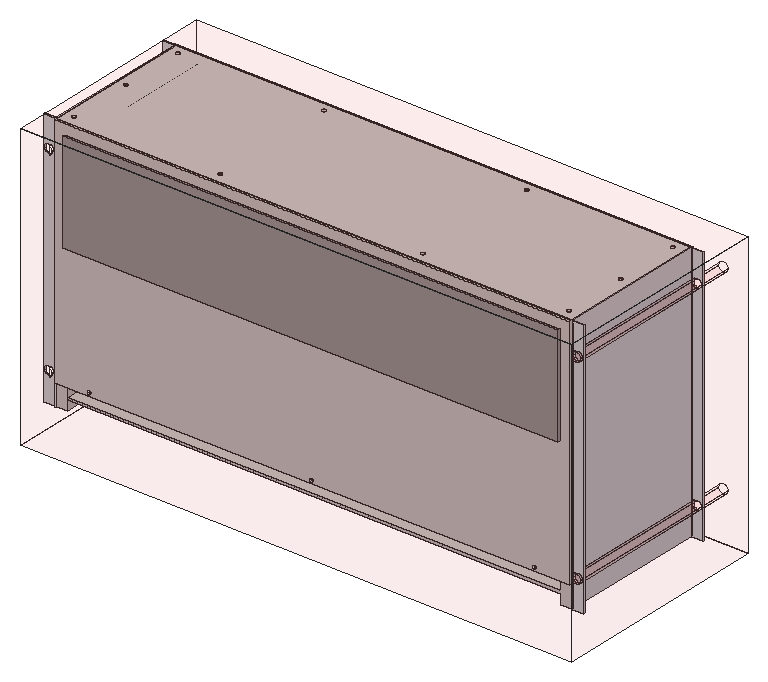
Revit family "Air-Curtain_Vestibule-Except_PoweredAire_CHA", category Mechanical Equipment, host Face, Revit 2022
Family settings
  Host = Face
  Round Connector Dimension = Use Diameter
  Part Type = Normal
  OmniClass Number = 23.75.35.17.21
  OmniClass Title = Air Curtains
  Cut with Voids When Loaded = No
  Maintain Annotation Orientation = No
  Shared = No
  Room Calculation Point = No
Parameters
  Unit Width Notes = "Other Widths available."  # constant formula
  Unit Width = 51.80"
  Unit Weight = 0
  Unit Height = 15.04"
  Unit Depth = 26.01"
  URL = "http://www.poweredaire.com/"
  Specification = ""
  Projection from Host [instance] = 2.00"
  Product Page URL = "https://www.arcat.com/company/powered-aire-inc-47623"
  Power Rating = 0 W
  Nozzle Width = if(1 = 1, Unit Width - 3.00", 0.00")  # 48.80"
  Mounting Width = if(1 = 1, Unit Width - 1.50", 0.00")  # 50.30"
  Mounting Height [instance] = 44.91"
  Motor RPM = 0
  Motor HP = 0
  Motor Count = 0
  Model = "CHA"
  Max Height = 0.00"
  Manufacturer = "Powered Aire, Inc"
  Keynote = "23 34 33"
  Include Clearance [instance] = yes
  Heating Element Load = 0 W
  HVAC_Temperature Rise = 0 °F
  HVAC_Outlet Volume = 0 CFM
  HVAC_Outlet Velocity Uniformity = 0
  HVAC_Outlet Velocity = 0 FPM
  Front Grating Material [instance] = Metal - Steel - PoweredAire - White Perforated
  Frame Finish [instance] = Metal - Steel - PoweredAire - Stainless 304
  Electrical_Wattage [instance] = Power Rating + Heating Element Load  # 0 W
  Electrical_Voltage [instance] = 0 V
  Electrical_Phase [instance] = 1
  Electrical_Frequency [instance] = 0 Hz
  Electrical_Amperage [instance] = 0 A
  Description = ""
  Default Elevation = 0.00"  # constant formula
  Cover Finish [instance] = Metal - Steel - PoweredAire - White
  Copyright = "©Arcat Inc."
  Clearance_Top [instance] = 3.25"
  Clearance_Side B [instance] = 3.1752"
  Clearance_Side A [instance] = 0.50"
  Clearance_Intake [instance] = 3.92354"
  Clearance_Front [instance] = 4.93628"
  Clearance Material [instance] = ARCAT Clearance
  CAD Details = ""
  Assembly Code = "D3090400"
Reference planes (in)
  plane 1 "Center (Elevation)": y = 10.8177
  plane 2: z = 0
  plane 3 "Center (Left/Right)": x = 0
  plane 4: y = 3.04818
  plane 5: z = 28.01
  plane 6 "FF": y = -41.86182
  plane 7: z = 2
  plane 8: x = 25.9
  plane 9: x = -25.9
  plane 10: z = 32.94628
  plane 11: y = 3.29818
  plane 12: y = 18.33722
  plane 13: y = 3.37845
  plane 14: y = 3.37725
  plane 15: x = 29.0752
  plane 16: y = 21.58722
  plane 17: y = -0.62536
  plane 18: x = -26.4
  plane 19: y = 2.99818
  plane 20: z = 28.06
  plane 21: y = 18.33818
Forms (in)
  Extrusion 1, solid, material "Metal - Steel - PoweredAire - Stainless 304"
    sketch origin (0, 10.8177, 0) x (1, 0, 0) y (0, 0, 1)
      loop
        line (25.9, 28.01) -> (-25.9, 28.01) -> (-25.9, 2) -> (25.9, 2) -> (25.9, 28.01)
    from -7.52048 to 7.51952
  Extrusion 2, solid, material "Metal - Steel - PoweredAire - Stainless 304"
    sketch origin (0, 0, 0) x (1, 0, 0) y (0, 1, 0)
      loop
        line (-25.9, 3.29818) -> (-25.9, 3.04818) -> (25.9, 3.04818) -> (25.9, 3.29818) -> (-25.9, 3.29818)
    from 4.25 to 28.01
  Extrusion 3, void
    sketch origin (0, -0.04688, -1) x (0, 1, 0) y (0, 0, 1)
      loop
        line (3.04818, 4) -> (3.04818, 3) -> (4.79818, 3) -> (4.79818, 5.25) -> (3.04818, 5.25) -> (3.04818, 4.25) -> (4.54818, 4.25) -> (4.54818, 4) -> (3.04818, 4)
    from -24.8 to 24.8
  Extrusion 4, solid
    sketch origin (0, 1.18246, 0) x (1, 0, 0) y (0, 1, 0)
      loop
        line (-25.9, 2.29092) -> (-25.9, 16.98052)
        arc (-25.9, 16.98052) -> (-25.95131, 17.10441) -> (-26.0752, 17.15572) r 0.1752
        line (-26.0752, 17.15572) -> (-27.15, 17.15572) -> (-27.15, 17.07572) -> (-26.0752, 17.07572)
        arc (-26.0752, 17.07572) -> (-26.00788, 17.04784) -> (-25.98, 16.98052) r 0.0952
        line (-25.98, 16.98052) -> (-25.98, 2.29119)
        arc (-25.98, 2.29119) -> (-26.00788, 2.22387) -> (-26.0752, 2.19599) r 0.0952
        line (-26.0752, 2.19599) -> (-27.15, 2.19599) -> (-27.15, 2.11572) -> (-26.0752, 2.11572)
        arc (-26.0752, 2.11572) -> (-25.95131, 2.16703) -> (-25.9, 2.29092) r 0.1752
      loop
        arc (25.9, 2.29092) -> (25.95131, 2.16703) -> (26.0752, 2.11572) r 0.1752
        line (26.0752, 2.11572) -> (27.15, 2.11572) -> (27.15, 2.1948) -> (26.0753, 2.1948)
        arc (26.0753, 2.1948) -> (26.00871, 2.22238) -> (25.98113, 2.28896) r 0.09417
        line (25.98113, 2.28896) -> (25.98113, 16.98006)
        arc (25.98113, 16.98006) -> (26.00885, 17.04699) -> (26.07578, 17.07471) r 0.09465
        line (26.07578, 17.07471) -> (27.15, 17.07471) -> (27.15, 17.15572) -> (26.07616, 17.15572)
        arc (26.07616, 17.15572) -> (25.95159, 17.10412) -> (25.9, 16.97956) r 0.17616
        line (25.9, 16.97956) -> (25.9, 2.29092)
    from 2 to 28.01
  Extrusion 5, solid, material "H1"
    sketch origin (0, 9.63572, -1.5) x (1, 0, 0) y (0, 0, 1)
      loop
        line (-24.9, 28.51) -> (-24.9, 18.36) -> (24.9, 18.36) -> (24.9, 28.51) -> (-24.9, 28.51)
    from 6.77683 to 6.58754
  Extrusion 6, solid, material "ARCAT Clearance"
    sketch origin (0, 0, 0) x (1, 0, 0) y (0, 1, 0)
      loop
        line (-26.4, 21.58722) -> (-26.4, -0.62536) -> (29.0752, -0.62536) -> (29.0752, 21.58722) -> (-26.4, 21.58722)
    from 0 to 28.64814
  Extrusion 7, void
    sketch origin (0, 10.8177, 0) x (1, 0, 0) y (0, 0, 1)
      loop
        circle (26.6126, 5) r 0.47
      loop
        circle (26.6126, 25.01) r 0.47
      loop
        circle (-26.6126, 5) r 0.47
      loop
        circle (-26.6126, 25.01) r 0.47
    from -16.24854 to 7.77
  Extrusion 8, solid, material "Metal - Steel - PoweredAire - White"
    sketch origin (0, 10.8177, 0) x (1, 0, 0) y (0, 0, 1)
      loop
        circle (0, 4.61) r 0.14
      loop
        circle (22.41054, 4.61) r 0.14
      loop
        circle (-22.41054, 4.61) r 0.14
    from 7.77 to 7.81952
  Extrusion 9, solid, material "ARCAT Clearance"
    sketch origin (0, 0, 0) x (1, 0, 0) y (0, 1, 0)
      loop
        circle (-24.9, 17.33818) r 0.2
      loop
        circle (-24.9, 10.8177) r 0.2
      loop
        circle (-24.9, 4.29818) r 0.2
      loop
        circle (24.9, 17.33818) r 0.2
      loop
        circle (24.9, 10.8177) r 0.2
      loop
        circle (24.9, 4.29818) r 0.2
      loop
        circle (-10.20137, 17.33818) r 0.2
      loop
        circle (-10.20137, 4.29818) r 0.2
      loop
        circle (10.20137, 17.33818) r 0.2
      loop
        circle (10.20137, 4.29818) r 0.2
    from 28.01 to 28.06
  Extrusion 10, solid, material "Metal - Steel - PoweredAire - Stainless 304"
    sketch origin (0, 0.06872, 0) x (1, 0, 0) y (0, 1, 0)
      loop
        line (-26.0752, 18.26946) -> (26.0752, 18.26946) -> (26.0752, 18.35115) -> (-26.0752, 18.35115) -> (-26.0752, 18.26946)
    from 2 to 28.01
  Extrusion 11, solid, material "Metal - Steel - PoweredAire - White"
    sketch origin (0, 10.8869, 0) x (1, 0, 0) y (0, 0, 1)
      loop
        circle (25.0752, 27.01) r 0.2
      loop
        circle (25.0752, 14.005) r 0.2
      loop
        circle (25.0752, 3) r 0.2
      loop
        circle (-11.0752, 27.01) r 0.2
      loop
        circle (-11.0752, 3) r 0.2
      loop
        circle (-25.0752, 3) r 0.2
      loop
        circle (-25.0752, 14.005) r 0.2
      loop
        circle (-25.0752, 27.01) r 0.2
      loop
        circle (11.0752, 27.01) r 0.2
      loop
        circle (11.0752, 3) r 0.2
    from -7.53297 to -7.58297
Cuts and joins
  Extrusion 3 cuts Extrusion 1
  Extrusion 7 cuts Extrusion 4
  Extrusion 7 cuts Extrusion 6
Dimensions and locks (in)
  "Mounting Height": plane 4 to plane 6 "FF"
  "Projection from Host": plane 7 to level
  "Unit Depth": plane 5 to plane 7
  "Clearance_Front": plane 10 to plane 5
  plane 5 to Extrusion 1 sketch curve = 0.00"
  Extrusion 1 sketch curve to plane 7 = 0.00"
  locked: plane 11 to plane 4 at 0.25
  Extrusion 3 sketch curve to Extrusion 3 sketch curve to Extrusion 3 sketch curve to Extrusion 3 sketch curve = 1.00" locked, 0.25" locked, 1.00" locked
  locked: Extrusion 4 to plane 9 at 1.25
  locked: plane 8 to Extrusion 4 at 1.25
  locked: plane 13 to plane 11 at 0.08027
  locked: plane 14 to plane 11 at 0.07908
  locked: Extrusion 5 to Extrusion 5 at 0.18928
  locked: Extrusion 5 to Extrusion 5 at 10.15
  locked: Extrusion 5 to plane 9 at 1
  locked: plane 8 to Extrusion 5 at 1
  locked: Extrusion 2 to Extrusion 5 at 1
  locked: cut or joined group of Extrusion 1, Extrusion 3 to plane 9 at 1.1
  locked: plane 8 to cut or joined group of Extrusion 1, Extrusion 3 at 1.1
  equal spacing: plane 12, plane 1 "Center (Elevation)", plane 11
  "Clearance_Top": plane 12 to plane 16
  "Clearance_Intake": plane 11 to plane 17
  "Clearance_Side A": plane 18 to plane 9
  "Clearance_Side B": plane 8 to plane 15
  "Unit Width": plane 9 to plane 8
  equal spacing: plane 9, plane 3 "Center (Left/Right)", plane 8
  plane 11 to Extrusion 8 = 0.30"
  plane 4 to plane 19 = 0.05"
  plane 20 to plane 5 = 0.05"
  "Unit Height": plane 21 to plane 11
  locked: Extrusion 10 to Extrusion 10 at 0.08169
  locked: plane 21 to Extrusion 11 at 0.13169
  aligned and locked: plane 2 to host face
  aligned and locked: level to host face
  aligned and locked: plane 8 to Extrusion 2
  aligned and locked: Extrusion 4 to plane 8
  aligned and locked: plane 9 to Extrusion 4
  aligned and locked: plane 11 to Extrusion 2
  aligned and locked: Extrusion 2 to plane 4
  aligned and locked: Extrusion 2 to Extrusion 4
  aligned and locked: Extrusion 2 to cut or joined group of Extrusion 1, Extrusion 3  (x2)
  aligned and locked: plane 11 to Extrusion 4 sketch curve
  aligned and locked: Extrusion 4 sketch curve to plane 11
  aligned and locked: Extrusion 4 to plane 13
  aligned and locked: Extrusion 4 to plane 14
  aligned and locked: Extrusion 4 to plane 7
  aligned and locked: Extrusion 4 to cut or joined group of Extrusion 1, Extrusion 3
  aligned and locked: cut or joined group of Extrusion 1, Extrusion 3 to Extrusion 2
  aligned and locked: Extrusion 6 sketch curve to plane 16
  aligned and locked: plane 17 to Extrusion 6 sketch curve
  aligned and locked: plane 15 to Extrusion 6 sketch curve
  aligned and locked: Extrusion 6 to plane 17
  aligned and locked: plane 16 to Extrusion 6
  aligned and locked: plane 18 to Extrusion 6
  aligned and locked: Extrusion 6 to plane 15
  aligned and locked: Extrusion 5 to Extrusion 2
  aligned and locked: Extrusion 8 to plane 19
  aligned and locked: Extrusion 9 to cut or joined group of Extrusion 1, Extrusion 3
  aligned and locked: Extrusion 9 to plane 20
  aligned and locked: Extrusion 11 to Extrusion 10  (x2)
  aligned and locked: plane 21 to Extrusion 10  (x2)
  aligned and locked: Extrusion 1 to Extrusion 10
  aligned and locked: cut or joined group of Extrusion 1, Extrusion 3 to plane 21
  aligned and locked: cut or joined group of Extrusion 4, Extrusion 7 to Extrusion 10
  aligned and locked: Extrusion 10 to cut or joined group of Extrusion 4, Extrusion 7
  aligned and locked: Extrusion 4 sketch curve to plane 21
  aligned and locked: Extrusion 10 to Extrusion 11
  aligned and locked: Extrusion 10 to cut or joined group of Extrusion 1, Extrusion 3
Automatic sketch dimensions
  host sketch curve to host sketch curve = 96.00"  (x2)
  Extrusion 1 sketch curve to plane 9 = 0.00"
  Extrusion 1 sketch curve to plane 8 = 0.00"
  Extrusion 2 sketch curve to plane 9 = 0.00"
  Extrusion 2 sketch curve to plane 4 = 0.00"
  Extrusion 2 sketch curve to plane 8 = 0.00"
  Extrusion 2 sketch curve to plane 11 = 0.00"
  Extrusion 3 sketch curve to plane 7 = 0.00"
  plane 19 to Extrusion 3 sketch curve = 0.00312"  (x2)
  Extrusion 3 sketch curve to plane 13 = 1.12285"
  Extrusion 3 sketch curve to Extrusion 3 sketch curve = 0.25"
  plane 9 to Extrusion 5 sketch curve = 1.00"
  Extrusion 5 sketch curve to plane 8 = 1.00"
  Extrusion 5 sketch curve to plane 5 = 11.15"
  Extrusion 5 sketch curve to plane 5 = 1.00"
  Extrusion 6 sketch curve to plane 18 = 0.00"
  plane 18 to Extrusion 7 sketch curve = 0.2126"  (x2)
  plane 8 to Extrusion 7 sketch curve = 0.7126"  (x2)
  plane 7 to Extrusion 7 sketch curve = 3.00"  (x2)
  Extrusion 7 sketch curve to plane 5 = 3.00"  (x2)
  Extrusion 8 sketch curve to plane 3 "Center (Left/Right)" = 0.00"
  plane 9 to Extrusion 8 sketch curve = 3.48946"
  Extrusion 8 sketch curve to plane 8 = 3.48946"
  plane 7 to Extrusion 8 sketch curve = 2.61"  (x3)
  plane 1 "Center (Elevation)" to Extrusion 9 sketch curve = 0.00"  (x2)
  plane 9 to Extrusion 9 sketch curve = 1.00"  (x3)
  Extrusion 9 sketch curve to plane 13 = 0.91973"  (x4)
  Extrusion 9 sketch curve to plane 3 "Center (Left/Right)" = 10.20137"  (x2)
  plane 3 "Center (Left/Right)" to Extrusion 9 sketch curve = 10.20137"  (x2)
  Extrusion 9 sketch curve to plane 8 = 1.00"  (x3)
  Extrusion 10 sketch curve to plane 9 = 0.1752"
  plane 8 to Extrusion 10 sketch curve = 0.1752"
  plane 9 to Extrusion 11 sketch curve = 0.8248"  (x3)
  plane 7 to Extrusion 11 sketch curve = 1.00"  (x4)
  Extrusion 11 sketch curve to plane 3 "Center (Left/Right)" = 11.0752"  (x2)
  Extrusion 11 sketch curve to plane 5 = 1.00"  (x4)
  plane 3 "Center (Left/Right)" to Extrusion 11 sketch curve = 11.0752"  (x2)
  Extrusion 11 sketch curve to plane 8 = 0.8248"  (x3)
  Extrusion 11 sketch curve to Extrusion 11 sketch curve = 11.005"  (x2)
  plane 21 to Extrusion 10 sketch curve = 0.00"
  Extrusion 10 sketch curve to Extrusion 10 sketch curve = 0.08169"
  Extrusion 4 sketch curve to plane 13 = 0.00"
  Extrusion 4 sketch curve to plane 9 = 0.00"
  Extrusion 4 sketch curve to plane 8 = 0.00"
  Extrusion 4 sketch curve to plane 14 = 0.00"
  Extrusion 4 sketch curve to plane 9 = 0.08"
  Extrusion 4 sketch curve to plane 13 = 0.09492"
  Extrusion 4 sketch curve to Extrusion 4 sketch curve = 0.00"  (x3)
  Extrusion 4 sketch curve to plane 9 = 0.1752"
  plane 18 to Extrusion 4 sketch curve = 0.75"  (x2)
  plane 8 to Extrusion 4 sketch curve = 0.08113"
  plane 8 to Extrusion 4 sketch curve = 0.1752"
  Extrusion 4 sketch curve to Extrusion 4 sketch curve = 0.0001"
  Extrusion 4 sketch curve to Extrusion 4 sketch curve = 0.09465"
  plane 8 to Extrusion 4 sketch curve = 0.17616"
  Extrusion 4 sketch curve to Extrusion 4 sketch curve = 1.07422"
  Extrusion 4 sketch curve to Extrusion 4 sketch curve = 1.0747"
  plane 21 to Extrusion 4 sketch curve = 0.00"
  Extrusion 4 sketch curve to Extrusion 4 sketch curve = 0.0005"
  plane 12 to Extrusion 9 sketch curve = 0.99904"  (x4)
  radius of Extrusion 7 sketch curve = 0.47"  (x4)
  radius of Extrusion 8 sketch curve = 0.14"  (x3)
  radius of Extrusion 9 sketch curve = 0.20"  (x10)
  radius of Extrusion 11 sketch curve = 0.20"  (x10)
